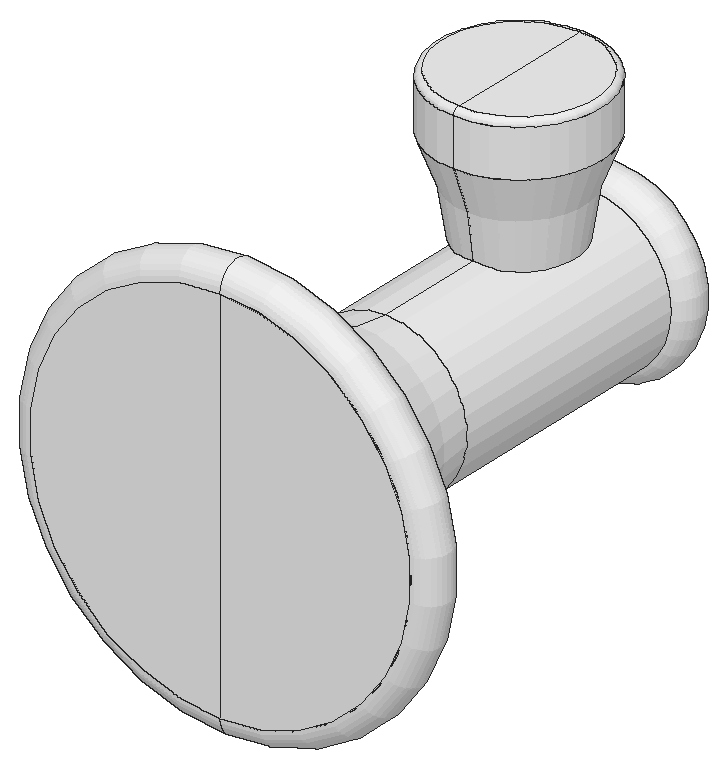
Revit family "546930001_Percha Nilo", category Plumbing Fixtures, host Wall, Revit 2019
Family settings
  Host = Wall
  Round Connector Dimension = Use Diameter
  Part Type = Normal
  OmniClass Number = 23.19.25.13.21.17
  OmniClass Title = Fittings
  Always vertical = Yes
  Cut with Voids When Loaded = No
  Shared = No
  Room Calculation Point = No
Parameters (values of type "Nilo")
  URL = "https://www.grival.com/griferias-y-accesorios/accesorios-para-bano/kit-accesorios-para-bano/kit-accesorios-x6-nilo/"
  Resistencia a cargas o peso máximo = "9 kg. (19,8 lb.)."  # constant formula
  Peso Neto aprox = "471 gr. 1,038 lb."  # constant formula
  Peso Bruto aprox = "602 gr. 1,33 lb."  # constant formula
  Material = Corona_Cromado
  Manufacturer = "Corona"  # constant formula
  Longitud = 82 mm
  Garantía Acabados = "2 Años (Cromado)"  # constant formula
  Garantía = "5 Años (Grival)"  # constant formula
  Fecha de creación = "13/08/2020"  # constant formula
  Description = "• Los accesorios de baño Nilo, diseño robusto y funcional.\r\n• Acabado superior, mayor espesor en el cromado que lo hace más\r\nbrillante y resistente a la corrosión.\r\n• Fácil limpieza: Diseño que evita la acumulación de impurezas.\r\n• Resistencia a cargas o peso máximo de 9 kg. (19,8 lb.).\r\n• El toallero barra tiene una resistencia de 23 Kg. (50.7 lb)."  # constant formula
  Creado por = "IDD"  # constant formula
  Ancho = 62 mm
  Alto = 600 mm
  Acabado = Corona_Plastico_Blanco
Reference planes
  plane 1: y = 0
  plane 2 "Center (Left/Right)": x = 125
  plane 3 "Back": y = 75
  plane 4 "2": x = 94
  plane 5 "3": x = 156
  plane 6: z = 600
  plane 7: y = 157
Forms (mm)
  Extrusion 1, solid, material "Corona_Cromado" <- "Material", detail levels coarse
    sketch origin (0, 75, 0) x (1, 0, 0) y (0, 0, 1)
      loop
        line (156, 569) -> (156, 638.503) -> (94, 638.503) -> (94, 569) -> (156, 569)
    from -82 to 0
  Revolve 2, solid, material "Corona_Cromado" <- "Material", detail levels medium+fine
    sketch origin (125, 0, 0) x (0, 1, 0) y (0, 0, 1)
      loop
        line (75, 600) -> (157, 600) -> (157, 613.129)
        arc (157, 613.129) -> (153.579, 615.419) -> (150.158, 613.129) r 3.701
        line (150.158, 613.129) -> (108.705, 613.129)
        arc (108.705, 613.129) -> (92.944, 618.338) -> (82.211, 631) r 30.648
        arc (82.211, 631) -> (78.605, 634.605) -> (75, 631) r 3.605
        line (75, 631) -> (75, 600)
      axis (75, 600) -> (157, 600)
    angle from 0 to 360
  Revolve 3, solid, material "Corona_Cromado" <- "Material", detail levels medium+fine
    sketch origin (125, 0, 0) x (0, 1, 0) y (0, 0, 1)
      loop
        arc (144.995, 612.629) -> (146.325, 620.668) -> (149.169, 628.303) r 42.401
        line (149.169, 628.303) -> (149.169, 636.011)
        arc (149.169, 636.011) -> (148.876, 636.718) -> (148.169, 637.011) r 1
        line (148.169, 637.011) -> (135.797, 637.011) -> (135.797, 612.629) -> (144.995, 612.629)
      axis (135.797, 612.629) -> (135.797, 637.011)
    angle from 0 to 360
Text (mm)
  text "Placement side" at (-1787.139, 592.35, 0), in view "Ref. Level"
  text "Placement side" at (0, 1827.695, 2917.686), in view "Left"
  text "Placement side" at (0, 562.268, 3853.606), in view "Right"
Dimensions and locks
  locked: plane 3 "Back" to host wall at 0
  equal spacing: plane 5 "3", plane 2 "Center (Left/Right)", plane 4 "2"
  "Ancho": plane 5 "3" to plane 4 "2"
  "Alto": level to plane 6
  "Longitud": plane 7 to plane 3 "Back"
  aligned and locked: plane 1 to host wall
  aligned and locked: Extrusion 1 to plane 7
  aligned and locked: Extrusion 1 to host wall
Automatic sketch dimensions
  Extrusion 1 sketch curve to plane 4 "2" = 0 mm
  Extrusion 1 sketch curve to plane 5 "3" = 0 mm
  Extrusion 1 sketch curve to plane 6 = 31 mm
  plane 6 to Extrusion 1 sketch curve = 38.503 mm
  Revolve 2 sketch curve to host wall = 0 mm  (x2)
  Revolve 2 sketch curve to plane 6 = 0 mm  (x2)
  Revolve 2 sketch curve to plane 7 = 0 mm
  Revolve 2 sketch curve to Revolve 2 sketch curve = 3.605 mm
  plane 6 to Revolve 2 sketch curve = 13.129 mm
  Revolve 2 sketch curve to Revolve 2 sketch curve = 26.494 mm
  Revolve 2 sketch curve to Revolve 2 sketch curve = 27.872 mm
  plane 7 to Revolve 2 sketch curve = 6.842 mm
  plane 7 to Revolve 2 sketch curve = 3.421 mm
  Revolve 2 sketch curve to Revolve 2 sketch curve = 1.411 mm
  plane 6 to Revolve 2 sketch curve = 31 mm
  Revolve 2 sketch curve to Revolve 2 sketch curve = 2.642 mm
  plane 7 to Revolve 3 sketch curve = 21.203 mm
  Revolve 3 sketch curve to Revolve 3 sketch curve = 9.197 mm
  plane 7 to Revolve 3 sketch curve = 8.831 mm
  Revolve 3 sketch curve to Revolve 3 sketch curve = 1 mm
  plane 6 to Revolve 3 sketch curve = 9.757 mm
  Revolve 3 sketch curve to plane 7 = 30.299 mm
  plane 6 to Revolve 3 sketch curve = 12.629 mm
  Revolve 3 sketch curve to Revolve 3 sketch curve = 7.708 mm
  Revolve 3 sketch curve to Revolve 3 sketch curve = 0 mm  (x2)
  Revolve 3 sketch curve to Revolve 3 sketch curve = 3.673 mm
Nested families
  nested 1: "front" at (125, 75, 600) x (1, 0, 0) z (0, -1, 0), type "front"
  nested 2: "right" at (125, 75, 600) x (0, -1, 0) z (1, 0, 0), type "right"
Definition of nested family "front"
  Parameters (values of type "front")
    Ancho = 220 mm
  Reference planes
    plane 1 "Center (Front/Back)": y = 0
    plane 2: z = 0
    plane 3 "Center (Left/Right)": x = 0
    plane 4 "Center (F/C": x = 110
    plane 5 "Center (F/D": x = -110
  Lines and regions (mm)
    detail lines, in view "Ref. Level"
      curve 1: arc (10.456, 29.183, 0) -> (0, -31, 0) -> (-10.456, 29.183, 0) r 31
      curve 2: circle (0, 0, 0) r 12.526 normal (0, 0, -1)
      curve 3: arc (-10.677, 6.551, 0) -> (-10.23, 19.772, 0) -> (-10.677, 32.993, 0) r 195.852
      curve 4: arc (-10.677, 32.993, 0) -> (-11.577, 35.119, 0) -> (-10.677, 37.246, 0) r 2.963
      curve 5: line (-10.677, 37.246, 0) -> (0, 37.246, 0)
      curve 6: line (-10.377, 12.176, 0) -> (-2.941, 12.176, 0)
      curve 7: arc (10.677, 6.551, 0) -> (10.23, 19.772, 0) -> (10.677, 32.993, 0) r 195.852
      curve 8: arc (10.677, 32.993, 0) -> (11.577, 35.119, 0) -> (10.677, 37.246, 0) r 2.963
      curve 9: line (10.677, 37.246, 0) -> (0, 37.246, 0)
      curve 10: line (10.377, 12.176, 0) -> (2.941, 12.176, 0)
  Dimensions and locks
    equal spacing: plane 5 "Center (F/D", plane 3 "Center (Left/Right)", plane 4 "Center (F/C"
    "Ancho": plane 5 "Center (F/D" to plane 4 "Center (F/C"
  Automatic sketch dimensions
    curve 1 to curve 2 = 0 mm  (x2)
    curve 5 to plane 3 "Center (Left/Right)" = 0 mm
    plane 1 "Center (Front/Back)" to curve 2 = 0 mm
    curve 2 to plane 3 "Center (Left/Right)" = 0 mm
    curve 4 to plane 3 "Center (Left/Right)" = 8.614 mm
    curve 5 to curve 4 = 2.063 mm
    curve 3 to plane 1 "Center (Front/Back)" = 19.772 mm
    plane 3 "Center (Left/Right)" to curve 8 = 8.614 mm
    curve 8 to curve 9 = 2.063 mm
    curve 7 to plane 1 "Center (Front/Back)" = 19.772 mm
    curve 8 to plane 1 "Center (Front/Back)" = 35.119 mm
    curve 4 to curve 8 = 0 mm
    curve 8 to curve 9 = 2.127 mm
    curve 6 to plane 3 "Center (Left/Right)" = 2.941 mm
    curve 6 to curve 6 = 7.436 mm
    curve 4 to curve 4 = 2.063 mm
    plane 3 "Center (Left/Right)" to curve 10 = 2.941 mm
    curve 10 to curve 10 = 7.436 mm
    curve 3 to curve 1 = 0.22 mm
    plane 3 "Center (Left/Right)" to curve 1 = 10.456 mm
    radius of curve 1 = 31 mm
Definition of nested family "right"
  Parameters (values of type "right")
    Ancho = 82 mm
  Reference planes
    plane 1 "Center (Front/Back)": y = 0
    plane 2: z = 0
    plane 3 "Center (Left/Right)": x = 0
    plane 4 "Center (F/D": x = -82
  Lines and regions (mm)
    detail lines, in view "Ref. Level"
      curve 1: line (0, 0, 0) -> (0, 32.614, 0)
      curve 2: arc (0, 32.614, 0) -> (-3.078, 35.692, 0) -> (-6.157, 32.614, 0) r 3.078
      curve 3: arc (-6.157, 32.614, 0) -> (-16.829, 18.948, 0) -> (-33.32, 13.594, 0) r 29.629
      curve 4: line (-33.32, 13.594, 0) -> (-76.66, 13.594, 0)
      curve 5: arc (-76.66, 13.594, 0) -> (-79.33, 16.264, 0) -> (-82, 13.594, 0) r 2.67
      curve 6: line (-82, 13.594, 0) -> (-82, 0, 0)
      curve 7: line (-7.485, 29.647, 0) -> (-7.485, -29.647, 0)
      curve 8: line (-5.253, 34.793, 0) -> (-5.253, -34.793, 0)
      curve 9: line (0, 0, 0) -> (0, -32.614, 0)
      curve 10: arc (0, -32.614, 0) -> (-3.078, -35.692, 0) -> (-6.157, -32.614, 0) r 3.078
      curve 11: arc (-6.157, -32.614, 0) -> (-16.829, -18.948, 0) -> (-33.32, -13.594, 0) r 29.629
      curve 12: line (-33.32, -13.594, 0) -> (-76.66, -13.594, 0)
      curve 13: arc (-76.66, -13.594, 0) -> (-79.33, -16.264, 0) -> (-82, -13.594, 0) r 2.67
      curve 14: line (-82, -13.594, 0) -> (-82, 0, 0)
      curve 15: line (-76.66, 13.594, 0) -> (-76.66, -13.594, 0)
      curve 16: arc (-71.66, -13.594, 0) -> (-71.95, -22.276, 0) -> (-73.172, -30.876, 0) r 80.621
      curve 17: arc (-73.172, -30.876, 0) -> (-73.323, -32.586, 0) -> (-73.108, -34.29, 0) r 8.042
      curve 18: line (-70.189, -36.598, 0) -> (-52.06, -36.598, 0)
      curve 19: arc (-50.589, -13.594, 0) -> (-50.299, -22.276, 0) -> (-49.077, -30.876, 0) r 80.621
      curve 20: arc (-49.077, -30.876, 0) -> (-48.926, -32.586, 0) -> (-49.141, -34.29, 0) r 8.042
      curve 21: arc (-52.06, -36.598, 0) -> (-50.2, -35.951, 0) -> (-49.141, -34.29, 0) r 3
      curve 22: arc (-73.108, -34.29, 0) -> (-72.05, -35.951, 0) -> (-70.189, -36.598, 0) r 3
  Dimensions and locks
    "Ancho": plane 4 "Center (F/D" to plane 3 "Center (Left/Right)"
  Automatic sketch dimensions
    curve 5 to plane 4 "Center (F/D" = 0 mm
    curve 9 to plane 3 "Center (Left/Right)" = 0 mm
    plane 1 "Center (Front/Back)" to curve 6 = 0 mm
    plane 1 "Center (Front/Back)" to curve 1 = 0 mm
    plane 1 "Center (Front/Back)" to curve 16 = 15.249 mm
    plane 4 "Center (F/D" to curve 5 = 2.67 mm
    plane 4 "Center (F/D" to curve 18 = 11.811 mm
    curve 22 to curve 17 = 4.906 mm
    curve 17 to curve 20 = 8.317 mm
    curve 20 to curve 18 = 4.906 mm
    curve 21 to curve 11 = 18.237 mm
    plane 1 "Center (Front/Back)" to curve 12 = 13.594 mm
    curve 21 to curve 12 = 18.74 mm
    curve 4 to plane 1 "Center (Front/Back)" = 13.594 mm
    curve 4 to curve 11 = 0 mm
    curve 10 to plane 3 "Center (Left/Right)" = 3.078 mm
    curve 2 to curve 2 = 3.078 mm
    plane 3 "Center (Left/Right)" to curve 19 = 30.015 mm
    plane 1 "Center (Front/Back)" to curve 19 = 15.249 mm
    curve 17 to curve 16 = 18.841 mm
    curve 17 to curve 20 = 0 mm
    plane 1 "Center (Front/Back)" to curve 10 = 32.614 mm
    curve 21 to curve 20 = 1.163 mm
    curve 22 to curve 17 = 1.163 mm
    curve 18 to curve 21 = 3 mm
    curve 1 to curve 1 = 32.614 mm
    curve 17 to curve 22 = 0.064 mm
    curve 16 to curve 17 = 0 mm
    curve 19 to curve 11 = 17.269 mm
    curve 20 to curve 21 = 0 mm
    curve 7 to curve 3 = 1.328 mm
    curve 2 to curve 8 = 0.904 mm
    curve 16 to plane 4 "Center (F/D" = 70.264 mm
    curve 3 to curve 4 = 0.503 mm
